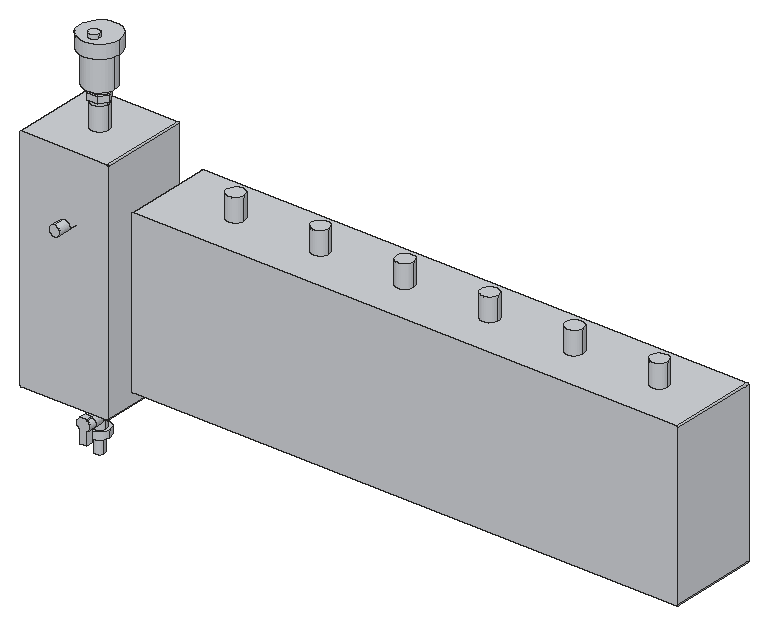
Revit family "318_26000f9ed1554a22b1ba4c8fe3c83b", category Pipe Accessories, Revit 2022
Family settings
  Round Connector Dimension = Use Diameter
  Part Type = Valve - Normal
  Work Plane-Based = No
  Always vertical = Yes
  Cut with Voids When Loaded = No
  Shared = No
Parameters (values of type "2192 11403")
  magiProductId = "26000f9ed1554a22b1ba4c8fe3c83b"
  magiProductFamilyId = "26000f9ed1554a22b1ba4c8fe3c83b"
  magiPartTypeId = 318
  Z1 = 29.4 mm
  VersionID = "2.0/2020.4.30.1/FAR_2192_001"
  TR1 = 29.25 mm
  TR = 22.75 mm
  RT2 = 11.7 mm
  RT1 = 15.6 mm
  RT = 7.5 mm
  RR3 = 15 mm
  RR = 13 mm
  RC1 = 14.4 mm
  RC = 27 mm
  R2 = 7.5 mm
  R = 12.5 mm
  QmdConnectorList = "321;MP1;322;D;323;D;324;D;351;MP3;352;D;353;D;354;D"
  Productdata [instance] = "© MagiCAD Group, all rights reserved"
  NR1 = 9.375 mm
  NR = 6.75 mm
  N3 = yes
  N = 3
  Manufacturer = "FAR"
  MP3 = 32 mm
  MP1 = 32 mm
  MC Product Code = "2192 11403"
  MC Piping Pressure Drop 3 [instance] = 0.0 Pa
  MC Piping Pressure Drop 2 [instance] = 0.0 Pa
  MC Piping Pressure Drop 1 [instance] = 0.0 Pa
  MC Piping Flow 2:3 [instance] = 0.0 L/s
  MC Piping Flow 2:2 [instance] = 0.0 L/s
  MC Piping Flow 2:1 [instance] = 0.0 L/s
  MC Piping Flow 1:3 [instance] = 0.0 L/s
  MC Piping Flow 1:2 [instance] = 0.0 L/s
  MC Piping Flow 1:1 [instance] = 0.0 L/s
  MC Piping Flow [instance] = 0.0 L/s
  LM = 140 mm
  LL = 100 mm
  L1__ve = -L1  # -15 mm
  L1 = 15 mm
  L = 200 mm
  HT1 = 102 mm
  HT = 135 mm
  HH__ve = -HH  # -83 mm
  HH = 83 mm
  H = 125 mm
  G2__ve = -G2  # -130 mm
  G2 = 130 mm
  Flow supply main [instance] = Flow supply 1 + Flow supply 2 + Flow supply 3  # 0.0 L/s
  Flow supply 3 [instance] = 0.0 L/s
  Flow supply 2 [instance] = 0.0 L/s
  Flow supply 1 [instance] = 0.0 L/s
  Flow return main [instance] = Flow return 1 + Flow return 2 + Flow return 3  # 0.0 L/s
  Flow return 3 [instance] = 0.0 L/s
  Flow return 2 [instance] = 0.0 L/s
  Flow return 1 [instance] = 0.0 L/s
  FT__ve = -FT  # -15 mm
  FT = 15 mm
  F = 125 mm
  ER = 4.8 mm
  EE = 8 mm
  E4 = 9.6 mm
  E3 = 19.2 mm
  E2 = 48 mm
  E12__ve = -E12  # -33 mm
  E12 = 33 mm
  E = 96 mm
  Description = "Central heating distr. unit, 3+1 ports, 1\"1/4 side conn."
  Default Elevation = 0 mm
  DM3 = 20 mm
  DM2 = 16.25 mm
  D2 = 15 mm
  D = 25 mm
  CenSd_RT2_6 = RT2 * cos(30.00°)  # 10.132 mm
  CenSd_RT1_6 = RT1 * cos(30.00°)  # 13.51 mm
  CenSd_DM3_6 = DM3 * cos(30.00°)  # 17.321 mm
  CenSd_DM2_6 = DM2 * cos(30.00°)  # 14.073 mm
  CAT0 = yes
  CAT = 0
  C = 65 mm
  BLL = 100.625 mm
  BL = 805 mm
  BB = 144 mm
  B = 1005 mm
  AA = 470 mm
  A = 59 mm
Reference planes
  plane 1 "Center (Front/Back)": y = 0
  plane 2 "XYPLANE": z = 0
  plane 3 "Center (Left/Right)": x = 0
  plane 4 "663": z = 85
  plane 5 "647": x = 925.625
  plane 6 "646": x = 800.625
  plane 7 "645": x = 675.625
  plane 8 "644": x = 550.625
  plane 9 "643": x = 425.625
  plane 10 "642": x = 300.625
  plane 11 "632": x = 1005
  plane 12 "631": z = 52
  plane 13 "630": z = -186
  plane 14 "619": y = -10
  plane 15 "617": z = 226.2
  plane 16 "616": z = 207
  plane 17 "615": z = 159
  plane 18 "614": z = 149.4
  plane 19 "613": z = 139.8
  plane 20 "612": z = 135
  plane 21 "574": z = -304
  plane 22 "555": x = 30
  plane 23 "554": x = 15
  plane 24 "548": y = 65
  plane 25 "547": x = 165
  plane 26 "506": z = -273
  plane 27 "505": z = -286
  plane 28 "504": z = -306
  plane 29 "503": z = -271
  plane 30 "502": z = -281
  plane 31 "482": z = -294
  plane 32 "470": x = 95
  plane 33 "469": x = 105
  plane 34 "464": y = -20
  plane 35 "425": z = -236
  plane 36 "421": z = -269
  plane 37 "412": x = 35
  plane 38 "410": z = 102
  plane 39 "399": z = -125
  plane 40 "309": x = 185
  plane 41 "77": y = 0
  plane 42 "76": z = 0
  plane 43 "75": x = 100
  plane 44 "74": x = 0
  plane 45 "73": x = 200
Forms (mm)
  Extrusion 1, solid
    sketch origin (-750, 0, -186) x (1, 0, 0) y (0, 1, 0)
      loop
        circle (1300.625, 0) r 12.5
    from 0 to -33 <- "E12__ve"
  Extrusion 2, solid
    sketch origin (-750, 0, -186) x (1, 0, 0) y (0, 1, 0)
      loop
        circle (1175.625, 0) r 12.5
    from 0 to -33 <- "E12__ve"
  Extrusion 3, solid, visible <- "N3"
    sketch origin (-750, 0, 52) x (1, 0, 0) y (0, 1, 0)
      loop
        circle (1675.625, 0) r 12.5
    from 0 to 33 <- "E12"
  Extrusion 4, solid, visible <- "N3"
    sketch origin (-750, 0, 52) x (1, 0, 0) y (0, 1, 0)
      loop
        circle (1550.625, 0) r 12.5
    from 0 to 33 <- "E12"
  Extrusion 5, solid
    sketch origin (-750, 0, 52) x (1, 0, 0) y (0, 1, 0)
      loop
        circle (1425.625, 0) r 12.5
    from 0 to 33 <- "E12"
  Extrusion 6, solid
    sketch origin (-750, 0, 52) x (1, 0, 0) y (0, 1, 0)
      loop
        circle (1300.625, 0) r 12.5
    from 0 to 33 <- "E12"
  Extrusion 7, solid
    sketch origin (-750, 0, 52) x (1, 0, 0) y (0, 1, 0)
      loop
        circle (1175.625, 0) r 12.5
    from 0 to 33 <- "E12"
  Extrusion 8, solid
    sketch origin (-750, 0, 52) x (1, 0, 0) y (0, 1, 0)
      loop
        circle (1050.625, 0) r 12.5
    from 0 to 33 <- "E12"
  Extrusion 9, solid
    sketch origin (750, 65, 0) x (-1, 0, 0) y (0, 0, 1)
      loop
        arc (548, -186) -> (549.414, -185.414) -> (550, -184) r 2
        line (550, -184) -> (550, 50)
        arc (550, 50) -> (549.414, 51.414) -> (548, 52) r 2
        line (548, 52) -> (-253, 52)
        arc (-253, 52) -> (-254.414, 51.414) -> (-255, 50) r 2
        line (-255, 50) -> (-255, -184)
        arc (-255, -184) -> (-254.414, -185.414) -> (-253, -186) r 2
        line (-253, -186) -> (548, -186)
    from 0 to -130 <- "G2__ve"
  Extrusion 10, solid
    sketch origin (200, -750, 0) x (0, 1, 0) y (0, 0, 1)
      loop
        circle (750, -125) r 12.5
    from 0 to -15 <- "FT__ve"
  Extrusion 11, solid
    sketch origin (200, -750, 0) x (0, 1, 0) y (0, 0, 1)
      loop
        circle (750, 0) r 12.5
    from 0 to -15 <- "FT__ve"
  Extrusion 12, solid
    sketch origin (-750, 0, 226.2) x (1, 0, 0) y (0, 1, 0)
      loop
        circle (850, -10) r 7.5
    from 0 to 4.8 <- "ER"
  Extrusion 13, solid
    sketch origin (-750, 0, 207) x (1, 0, 0) y (0, 1, 0)
      loop
        circle (850, 0) r 29.25
    from 0 to 19.2 <- "E3"
  Extrusion 14, solid
    sketch origin (-750, 0, 159) x (1, 0, 0) y (0, 1, 0)
      loop
        circle (850, 0) r 22.75
    from 0 to 48 <- "E2"
  Extrusion 15, solid
    sketch origin (-750, 0, 149.4) x (1, 0, 0) y (0, 1, 0)
      loop
        line (861.7, 0) -> (855.85, 10.132) -> (844.15, 10.132) -> (838.3, 0) -> (844.15, -10.132) -> (855.85, -10.132) -> (861.7, 0)
    from 0 to 9.6 <- "E4"
  Extrusion 16, solid
    sketch origin (-750, 0, 139.8) x (1, 0, 0) y (0, 1, 0)
      loop
        line (865.6, 0) -> (857.8, 13.51) -> (842.2, 13.51) -> (834.4, 0) -> (842.2, -13.51) -> (857.8, -13.51) -> (865.6, 0)
    from 0 to 9.6 <- "E4"
  Extrusion 17, solid
    sketch origin (-750, 0, 135) x (1, 0, 0) y (0, 1, 0)
      loop
        circle (850, 0) r 11.7
    from 0 to 4.8 <- "ER"
  Extrusion 18, solid
    sketch origin (0, -750, 0) x (0, 1, 0) y (0, 0, 1)
      loop
        line (750, 16.25) -> (735.927, 8.125) -> (735.927, -8.125) -> (750, -16.25) -> (764.073, -8.125) -> (764.073, 8.125) -> (750, 16.25)
      loop
        circle (750, 0) r 12.5
    from 0 to 15 <- "FT"
  Extrusion 19, solid
    sketch origin (0, -750, 0) x (0, 1, 0) y (0, 0, 1)
      loop
        line (750, -108.75) -> (735.927, -116.875) -> (735.927, -133.125) -> (750, -141.25) -> (764.073, -133.125) -> (764.073, -116.875) -> (750, -108.75)
      loop
        circle (750, -125) r 12.5
    from 0 to 15 <- "FT"
  Extrusion 20, solid
    sketch origin (-750, 0, -294) x (1, 0, 0) y (0, 1, 0)
      loop
        circle (850, 0) r 15
    from 0 to -10
  Extrusion 21, solid
    sketch origin (-750, 0, -304) x (1, 0, 0) y (0, 1, 0)
      loop
        circle (850, 0) r 6.75
    from 0 to -24
  Extrusion 22, solid
    sketch origin (15, -750, 0) x (0, 1, 0) y (0, 0, 1)
      loop
        line (750, -105) -> (732.679, -115) -> (732.679, -135) -> (750, -145) -> (767.321, -135) -> (767.321, -115) -> (750, -105)
    from 0 to 15 <- "L1"
  Extrusion 23, solid
    sketch origin (15, -750, 0) x (0, 1, 0) y (0, 0, 1)
      loop
        line (750, 20) -> (732.679, 10) -> (732.679, -10) -> (750, -20) -> (767.321, -10) -> (767.321, 10) -> (750, 20)
    from 0 to 15 <- "L1"
  Extrusion 24, solid
    sketch origin (185, -750, 0) x (0, 1, 0) y (0, 0, 1)
      loop
        line (750, -105) -> (732.679, -115) -> (732.679, -135) -> (750, -145) -> (767.321, -135) -> (767.321, -115) -> (750, -105)
    from 0 to -15 <- "L1__ve"
  Extrusion 25, solid
    sketch origin (185, -750, 0) x (0, 1, 0) y (0, 0, 1)
      loop
        line (750, 20) -> (732.679, 10) -> (732.679, -10) -> (750, -20) -> (767.321, -10) -> (767.321, 10) -> (750, 20)
    from 0 to -15 <- "L1__ve"
  Extrusion 26, solid
    sketch origin (750, 65, 0) x (-1, 0, 0) y (0, 0, 1)
      loop
        arc (713, -236) -> (714.414, -235.414) -> (715, -234) r 2
        line (715, -234) -> (715, 100)
        arc (715, 100) -> (714.414, 101.414) -> (713, 102) r 2
        line (713, 102) -> (587, 102)
        arc (587, 102) -> (585.586, 101.414) -> (585, 100) r 2
        line (585, 100) -> (585, -234)
        arc (585, -234) -> (585.586, -235.414) -> (587, -236) r 2
        line (587, -236) -> (713, -236)
    from 0 to -130 <- "G2__ve"
  Extrusion 27, solid
    sketch origin (750, 0, 0) x (-1, 0, 0) y (0, 0, 1)
      loop
        circle (650, -281) r 8
    from 0 to -20
  Extrusion 28, solid
    sketch origin (750, -20, 0) x (-1, 0, 0) y (0, 0, 1)
      loop
        line (655, -273) -> (655, -271) -> (645, -271) -> (645, -273)
        arc (645, -273) -> (640, -279.5) -> (645, -286) r 6.725
        line (645, -286) -> (645, -306) -> (655, -306) -> (655, -286)
        arc (655, -286) -> (660, -279.5) -> (655, -273) r 6.725
    from 0 to -10
  Extrusion 29, solid
    sketch origin (-750, 0, -236) x (1, 0, 0) y (0, 1, 0)
      loop
        circle (850, 0) r 13
    from 0 to -33 <- "E12__ve"
  Extrusion 30, solid
    sketch origin (-750, 0, -269) x (1, 0, 0) y (0, 1, 0)
      loop
        circle (850, 0) r 9.375
    from 0 to -25
  Extrusion 31, solid
    sketch origin (750, 0, 0) x (-1, 0, 0) y (0, 0, 1)
      loop
        circle (650, 0) r 7.5
    from 0 to -83 <- "HH__ve"
  Extrusion 32, solid
    sketch origin (-750, 0, 102) x (1, 0, 0) y (0, 1, 0)
      loop
        circle (850, 0) r 13
    from 0 to 33 <- "E12"
  Extrusion 33, solid
    sketch origin (30, -750, 0) x (0, 1, 0) y (0, 0, 1)
      loop
        circle (750, -125) r 12.5
    from 0 to 140 <- "LM"
  Extrusion 34, solid
    sketch origin (30, -750, 0) x (0, 1, 0) y (0, 0, 1)
      loop
        circle (750, 0) r 12.5
    from 0 to 140 <- "LM"
  Extrusion 35, solid, not visible
    sketch origin (-750, 0, 85) x (1, 0, 0) y (0, 1, 0)
      loop
        circle (1675.625, 0) r 10
    from 0 to -10
  Extrusion 36, solid, not visible
    sketch origin (-750, 0, 85) x (1, 0, 0) y (0, 1, 0)
      loop
        circle (1550.625, 0) r 10
    from 0 to -10
  Extrusion 37, solid, not visible
    sketch origin (-750, 0, 85) x (1, 0, 0) y (0, 1, 0)
      loop
        circle (1425.625, 0) r 10
    from 0 to -10
  Extrusion 38, solid, not visible
    sketch origin (-750, 0, 85) x (1, 0, 0) y (0, 1, 0)
      loop
        circle (1300.625, 0) r 10
    from 0 to -10
  Extrusion 39, solid, not visible
    sketch origin (-750, 0, 85) x (1, 0, 0) y (0, 1, 0)
      loop
        circle (1175.625, 0) r 10
    from 0 to -10
  Extrusion 40, solid, not visible
    sketch origin (0, -750, 0) x (0, 1, 0) y (0, 0, 1)
      loop
        circle (750, -125) r 10
    from 0 to 10
  Extrusion 41, solid, not visible
    sketch origin (0, -750, 0) x (0, 1, 0) y (0, 0, 1)
      loop
        circle (750, 0) r 10
    from 0 to 10
  Extrusion 42, solid, not visible
    sketch origin (-750, 0, 85) x (1, 0, 0) y (0, 1, 0)
      loop
        circle (1050.625, 0) r 10
    from 0 to -10
Lines and regions (mm)
  reference lines, not visible
    curve 1: circle (2, 2, 0) r 1 normal (0, 0, 1)
  reference lines
    curve 2: line (100, 0, 149.4) -> (97.075, -5.066, 149.4)
    curve 3: line (100, 0, 149.4) -> (94.15, 0, 149.4)
    curve 4: line (100, 0, 149.4) -> (97.075, 5.066, 149.4)
    curve 5: line (100, 0, 139.8) -> (96.1, -6.755, 139.8)
    curve 6: line (100, 0, 139.8) -> (92.2, 0, 139.8)
    curve 7: line (100, 0, 139.8) -> (96.1, 6.755, 139.8)
    curve 8: line (0, 0, 0) -> (0, 7.036, -4.062)
    curve 9: line (0, 0, 0) -> (0, 0, -8.125)
    curve 10: line (0, 0, 0) -> (0, -7.036, -4.063)
    curve 11: line (0, 0, -125) -> (0, 7.036, -129.063)
    curve 12: line (0, 0, -125) -> (0, 0, -133.125)
    curve 13: line (0, 0, -125) -> (0, -7.036, -129.063)
    curve 14: line (15, 0, -125) -> (15, 8.66, -130)
    curve 15: line (15, 0, -125) -> (15, 0, -135)
    curve 16: line (15, 0, -125) -> (15, -8.66, -130)
    curve 17: line (15, 0, 0) -> (15, 8.66, -5)
    curve 18: line (15, 0, 0) -> (15, 0, -10)
    curve 19: line (15, 0, 0) -> (15, -8.66, -5)
    curve 20: line (185, 0, -125) -> (185, -8.66, -130)
    curve 21: line (185, 0, -125) -> (185, 0, -135)
    curve 22: line (185, 0, -125) -> (185, 8.66, -130)
    curve 23: line (185, 0, 0) -> (185, -8.66, -5)
    curve 24: line (185, 0, 0) -> (185, 0, -10)
    curve 25: line (185, 0, 0) -> (185, 8.66, -5)
    curve 26: line (105, -20, -273) -> (105, -20, -286)
    curve 27: line (95, -20, -286) -> (95, -20, -273)
Dimensions and locks
  plane 1 "Center (Front/Back)" to curve 1 = 2 mm
  "E12": plane 12 "631" to plane 4 "663"
  "H": plane 6 "646" to plane 5 "647"
  "H": plane 7 "645" to plane 6 "646"
  "H": plane 8 "644" to plane 7 "645"
  "H": plane 9 "643" to plane 8 "644"
  "H": plane 10 "642" to plane 9 "643"
  "BLL": plane 45 "73" to plane 10 "642"
  "B": plane 44 "74" to plane 11 "632"
  locked: plane 38 "410" to plane 12 "631" at 50
  locked: plane 35 "425" to plane 13 "630" at 50
  locked: plane 41 "77" to plane 14 "619" at 10
  "E3": plane 16 "616" to plane 15 "617"
  "E2": plane 17 "615" to plane 16 "616"
  "E4": plane 18 "614" to plane 17 "615"
  "E4": plane 19 "613" to plane 18 "614"
  "ER": plane 20 "612" to plane 19 "613"
  "E12": plane 38 "410" to plane 20 "612"
  locked: plane 31 "482" to plane 21 "574" at 10
  "L1": plane 23 "554" to plane 22 "555"
  "FT": plane 44 "74" to plane 23 "554"
  "C": plane 1 "Center (Front/Back)" to plane 24 "548"
  "C": plane 43 "75" to plane 25 "547"
  locked: plane 29 "503" to plane 26 "506" at 2
  locked: plane 28 "504" to plane 27 "505" at 20
  locked: plane 30 "502" to plane 28 "504" at 25
  locked: plane 30 "502" to plane 29 "503" at 10
  locked: plane 36 "421" to plane 30 "502" at 12
  locked: plane 36 "421" to plane 31 "482" at 25
  locked: plane 43 "75" to plane 32 "470" at 5
  locked: plane 43 "75" to plane 33 "469" at 5
  locked: plane 41 "77" to plane 34 "464" at 20
  "E12": plane 36 "421" to plane 35 "425"
  "BB": plane 39 "399" to plane 36 "421"
  "C": plane 43 "75" to plane 37 "412"
  "HT1": plane 2 "XYPLANE" to plane 38 "410"
  "F": plane 2 "XYPLANE" to plane 39 "399"
  "FT": plane 45 "73" to plane 40 "309"
  locked: plane 1 "Center (Front/Back)" to plane 41 "77"
  locked: plane 2 "XYPLANE" to plane 42 "76"
  "LL": plane 3 "Center (Left/Right)" to plane 43 "75"
  locked: plane 3 "Center (Left/Right)" to plane 44 "74"
  "L": plane 3 "Center (Left/Right)" to plane 45 "73"
  Extrusion 9 sketch curve to Extrusion 9 sketch curve = 0 mm  (x16)
  "CenSd_RT2_6": curve 2 to Extrusion 15 sketch curve  (x2)
  "CenSd_RT2_6": curve 3 to Extrusion 15 sketch curve  (x2)
  "CenSd_RT2_6": curve 4 to Extrusion 15 sketch curve  (x2)
  Extrusion 15 sketch curve to Extrusion 15 sketch curve = 0 mm  (x12)
  "CenSd_RT1_6": curve 5 to Extrusion 16 sketch curve  (x2)
  "CenSd_RT1_6": curve 6 to Extrusion 16 sketch curve  (x2)
  "CenSd_RT1_6": curve 7 to Extrusion 16 sketch curve  (x2)
  Extrusion 16 sketch curve to Extrusion 16 sketch curve = 0 mm  (x12)
  "CenSd_DM2_6": curve 8 to Extrusion 18 sketch curve  (x2)
  "CenSd_DM2_6": curve 9 to Extrusion 18 sketch curve  (x2)
  "CenSd_DM2_6": curve 10 to Extrusion 18 sketch curve  (x2)
  Extrusion 18 sketch curve to Extrusion 18 sketch curve = 0 mm  (x12)
  "CenSd_DM2_6": curve 11 to Extrusion 19 sketch curve  (x2)
  "CenSd_DM2_6": curve 12 to Extrusion 19 sketch curve  (x2)
  "CenSd_DM2_6": curve 13 to Extrusion 19 sketch curve  (x2)
  Extrusion 19 sketch curve to Extrusion 19 sketch curve = 0 mm  (x12)
  "CenSd_DM3_6": curve 14 to Extrusion 22 sketch curve  (x2)
  "CenSd_DM3_6": curve 15 to Extrusion 22 sketch curve  (x2)
  "CenSd_DM3_6": curve 16 to Extrusion 22 sketch curve  (x2)
  Extrusion 22 sketch curve to Extrusion 22 sketch curve = 0 mm  (x12)
  "CenSd_DM3_6": curve 17 to Extrusion 23 sketch curve  (x2)
  "CenSd_DM3_6": curve 18 to Extrusion 23 sketch curve  (x2)
  "CenSd_DM3_6": curve 19 to Extrusion 23 sketch curve  (x2)
  Extrusion 23 sketch curve to Extrusion 23 sketch curve = 0 mm  (x12)
  "CenSd_DM3_6": curve 20 to Extrusion 24 sketch curve  (x2)
  "CenSd_DM3_6": curve 21 to Extrusion 24 sketch curve  (x2)
  "CenSd_DM3_6": curve 22 to Extrusion 24 sketch curve  (x2)
  Extrusion 24 sketch curve to Extrusion 24 sketch curve = 0 mm  (x12)
  "CenSd_DM3_6": curve 23 to Extrusion 25 sketch curve  (x2)
  "CenSd_DM3_6": curve 24 to Extrusion 25 sketch curve  (x2)
  "CenSd_DM3_6": curve 25 to Extrusion 25 sketch curve  (x2)
  Extrusion 25 sketch curve to Extrusion 25 sketch curve = 0 mm  (x12)
  Extrusion 26 sketch curve to Extrusion 26 sketch curve = 0 mm  (x16)
  Extrusion 28 sketch curve to Extrusion 28 sketch curve = 0 mm  (x16)
  "R": radius of Extrusion 1 sketch curve
  "R": radius of Extrusion 2 sketch curve
  "R": radius of Extrusion 3 sketch curve
  "R": radius of Extrusion 4 sketch curve
  "R": radius of Extrusion 5 sketch curve
  "R": radius of Extrusion 6 sketch curve
  "R": radius of Extrusion 7 sketch curve
  "R": radius of Extrusion 8 sketch curve
  radius of Extrusion 9 sketch curve = 2 mm  (x4)
  "R": radius of Extrusion 10 sketch curve
  "R": radius of Extrusion 11 sketch curve
  "RT": radius of Extrusion 12 sketch curve
  "TR1": radius of Extrusion 13 sketch curve
  "TR": radius of Extrusion 14 sketch curve
  "RT2": radius of Extrusion 17 sketch curve
  "R": radius of Extrusion 18 sketch curve
  "R": radius of Extrusion 19 sketch curve
  "RR3": radius of Extrusion 20 sketch curve
  "NR": radius of Extrusion 21 sketch curve
  radius of Extrusion 26 sketch curve = 2 mm  (x4)
  "EE": radius of Extrusion 27 sketch curve
  "RR": radius of Extrusion 29 sketch curve
  "NR1": radius of Extrusion 30 sketch curve
  "R2": radius of Extrusion 31 sketch curve
  "RR": radius of Extrusion 32 sketch curve
  "R": radius of Extrusion 33 sketch curve
  "R": radius of Extrusion 34 sketch curve
  locked: curve 3 to curve 2 (angle 60.00°)
  locked: curve 4 to curve 3 (angle 60.00°)
  locked: curve 4 to curve 2 (angle 120.00°)
  locked: curve 6 to curve 5 (angle 60.00°)
  locked: curve 7 to curve 6 (angle 60.00°)
  locked: curve 7 to curve 5 (angle 120.00°)
  locked: curve 9 to curve 8 (angle 60.00°)
  locked: curve 10 to curve 9 (angle 60.00°)
  locked: curve 10 to curve 8 (angle 120.00°)
  locked: curve 12 to curve 11 (angle 60.00°)
  locked: curve 13 to curve 12 (angle 60.00°)
  locked: curve 13 to curve 11 (angle 120.00°)
  locked: curve 15 to curve 14 (angle 60.00°)
  locked: curve 16 to curve 15 (angle 60.00°)
  locked: curve 16 to curve 14 (angle 120.00°)
  locked: curve 18 to curve 17 (angle 60.00°)
  locked: curve 19 to curve 18 (angle 60.00°)
  locked: curve 19 to curve 17 (angle 120.00°)
  locked: curve 21 to curve 20 (angle 60.00°)
  locked: curve 22 to curve 21 (angle 60.00°)
  locked: curve 22 to curve 20 (angle 120.00°)
  locked: curve 24 to curve 23 (angle 60.00°)
  locked: curve 25 to curve 24 (angle 60.00°)
  locked: curve 25 to curve 23 (angle 120.00°)
  aligned and locked: level to plane 2 "XYPLANE"
  aligned and locked: plane 8 "644" to Extrusion 1 sketch curve
  aligned and locked: plane 41 "77" to Extrusion 1 sketch curve
  aligned and locked: plane 9 "643" to Extrusion 2 sketch curve
  aligned and locked: plane 41 "77" to Extrusion 2 sketch curve
  aligned and locked: plane 5 "647" to Extrusion 3 sketch curve
  aligned and locked: Extrusion 3 sketch curve to plane 41 "77"
  aligned and locked: plane 6 "646" to Extrusion 4 sketch curve
  aligned and locked: Extrusion 4 sketch curve to plane 41 "77"
  aligned and locked: plane 7 "645" to Extrusion 5 sketch curve
  aligned and locked: plane 41 "77" to Extrusion 5 sketch curve
  aligned and locked: plane 8 "644" to Extrusion 6 sketch curve
  aligned and locked: plane 41 "77" to Extrusion 6 sketch curve
  aligned and locked: plane 9 "643" to Extrusion 7 sketch curve
  aligned and locked: plane 41 "77" to Extrusion 7 sketch curve
  aligned and locked: plane 10 "642" to Extrusion 8 sketch curve
  aligned and locked: plane 41 "77" to Extrusion 8 sketch curve
  aligned and locked: Extrusion 9 sketch curve to plane 45 "73"
  aligned and locked: Extrusion 9 sketch curve to plane 12 "631"
  aligned and locked: Extrusion 9 sketch curve to plane 11 "632"
  aligned and locked: Extrusion 9 sketch curve to plane 13 "630"
  aligned and locked: plane 39 "399" to Extrusion 10 sketch curve
  aligned and locked: Extrusion 10 sketch curve to plane 41 "77"
  aligned and locked: Extrusion 11 sketch curve to plane 41 "77"
  aligned and locked: plane 42 "76" to Extrusion 11 sketch curve
  aligned and locked: plane 14 "619" to Extrusion 12 sketch curve
  aligned and locked: plane 43 "75" to Extrusion 12 sketch curve
  aligned and locked: plane 41 "77" to Extrusion 13 sketch curve
  aligned and locked: plane 43 "75" to Extrusion 13 sketch curve
  aligned and locked: plane 41 "77" to Extrusion 14 sketch curve
  aligned and locked: plane 43 "75" to Extrusion 14 sketch curve
  aligned and locked: plane 41 "77" to curve 4
  aligned and locked: plane 43 "75" to curve 4
  aligned and locked: plane 41 "77" to curve 7
  aligned and locked: plane 43 "75" to curve 7
  aligned and locked: plane 41 "77" to Extrusion 17 sketch curve
  aligned and locked: plane 43 "75" to Extrusion 17 sketch curve
  aligned and locked: curve 10 to plane 41 "77"
  aligned and locked: plane 42 "76" to curve 10
  aligned and locked: Extrusion 18 sketch curve to plane 41 "77"
  aligned and locked: plane 42 "76" to Extrusion 18 sketch curve
  aligned and locked: plane 39 "399" to curve 12
  aligned and locked: curve 12 to plane 41 "77"
  aligned and locked: plane 39 "399" to Extrusion 19 sketch curve
  aligned and locked: Extrusion 19 sketch curve to plane 41 "77"
  aligned and locked: plane 41 "77" to Extrusion 20 sketch curve
  aligned and locked: plane 43 "75" to Extrusion 20 sketch curve
  aligned and locked: plane 41 "77" to Extrusion 21 sketch curve
  aligned and locked: plane 43 "75" to Extrusion 21 sketch curve
  aligned and locked: plane 39 "399" to curve 16
  aligned and locked: curve 16 to plane 41 "77"
  aligned and locked: curve 18 to plane 41 "77"
  aligned and locked: plane 42 "76" to curve 18
  aligned and locked: plane 39 "399" to curve 22
  aligned and locked: curve 22 to plane 41 "77"
  aligned and locked: curve 24 to plane 41 "77"
  aligned and locked: plane 42 "76" to curve 24
  aligned and locked: Extrusion 26 sketch curve to plane 37 "412"
  aligned and locked: Extrusion 26 sketch curve to plane 38 "410"
  aligned and locked: Extrusion 26 sketch curve to plane 25 "547"
  aligned and locked: plane 35 "425" to Extrusion 26 sketch curve
  aligned and locked: plane 30 "502" to Extrusion 27 sketch curve
  aligned and locked: Extrusion 27 sketch curve to plane 43 "75"
  aligned and locked: Extrusion 28 sketch curve to plane 32 "470"  (x3)
  aligned and locked: plane 26 "506" to Extrusion 28 sketch curve  (x2)
  aligned and locked: Extrusion 28 sketch curve to plane 29 "503"
  aligned and locked: plane 33 "469" to Extrusion 28 sketch curve  (x2)
  aligned and locked: plane 29 "503" to Extrusion 28 sketch curve
  aligned and locked: plane 33 "469" to curve 26
  aligned and locked: plane 26 "506" to curve 26
  aligned and locked: plane 27 "505" to curve 26
  aligned and locked: plane 27 "505" to Extrusion 28 sketch curve  (x2)
  aligned and locked: plane 28 "504" to Extrusion 28 sketch curve  (x2)
  aligned and locked: Extrusion 28 sketch curve to plane 33 "469"
  aligned and locked: curve 27 to plane 32 "470"
  aligned and locked: plane 27 "505" to curve 27
  aligned and locked: plane 26 "506" to curve 27
  aligned and locked: plane 41 "77" to Extrusion 29 sketch curve
  aligned and locked: plane 43 "75" to Extrusion 29 sketch curve
  aligned and locked: plane 41 "77" to Extrusion 30 sketch curve
  aligned and locked: plane 43 "75" to Extrusion 30 sketch curve
  aligned and locked: plane 42 "76" to Extrusion 31 sketch curve
  aligned and locked: Extrusion 31 sketch curve to plane 43 "75"
  aligned and locked: plane 41 "77" to Extrusion 32 sketch curve
  aligned and locked: plane 43 "75" to Extrusion 32 sketch curve
  aligned and locked: plane 39 "399" to Extrusion 33 sketch curve
  aligned and locked: Extrusion 33 sketch curve to plane 41 "77"
  aligned and locked: Extrusion 34 sketch curve to plane 41 "77"
  aligned and locked: plane 42 "76" to Extrusion 34 sketch curve
  aligned and locked: plane 5 "647" to Extrusion 35 sketch curve
  aligned and locked: Extrusion 35 sketch curve to plane 41 "77"
  aligned and locked: plane 6 "646" to Extrusion 36 sketch curve
  aligned and locked: Extrusion 36 sketch curve to plane 41 "77"
  aligned and locked: plane 7 "645" to Extrusion 37 sketch curve
  aligned and locked: plane 41 "77" to Extrusion 37 sketch curve
  aligned and locked: plane 8 "644" to Extrusion 38 sketch curve
  aligned and locked: plane 41 "77" to Extrusion 38 sketch curve
  aligned and locked: plane 9 "643" to Extrusion 39 sketch curve
  aligned and locked: plane 41 "77" to Extrusion 39 sketch curve
  aligned and locked: plane 39 "399" to Extrusion 40 sketch curve
  aligned and locked: Extrusion 40 sketch curve to plane 41 "77"
  aligned and locked: Extrusion 41 sketch curve to plane 41 "77"
  aligned and locked: plane 42 "76" to Extrusion 41 sketch curve
  aligned and locked: plane 10 "642" to Extrusion 42 sketch curve
  aligned and locked: plane 41 "77" to Extrusion 42 sketch curve
Automatic sketch dimensions
  Extrusion 28 sketch curve to plane 33 "469" = 1.725 mm
  plane 32 "470" to Extrusion 28 sketch curve = 1.725 mm
  plane 14 "619" to Extrusion 35 sketch curve = 0 mm
  plane 14 "619" to Extrusion 36 sketch curve = 0 mm
  Extrusion 37 sketch curve to plane 14 "619" = 0 mm
  Extrusion 38 sketch curve to plane 14 "619" = 0 mm
  Extrusion 39 sketch curve to plane 14 "619" = 0 mm
  Extrusion 40 sketch curve to plane 14 "619" = 0 mm
  Extrusion 41 sketch curve to plane 14 "619" = 0 mm
  Extrusion 42 sketch curve to plane 14 "619" = 0 mm
  plane 3 "Center (Left/Right)" to curve 1 = 2 mm
  radius of curve 1 = 1 mm
Connectors
  piping at (0, 0, 0), diameter 32, driven by "Flow supply main", driven by "MP1"
    settings: on Extrusion 41, index 1, connector inside diameter 609.6 mm, connector length 0 mm, flow factor 0, pipe flow 0.0 L/s, pressure drop 0.0 Pa, fitting loss kfactor 0, connector angle 0.00°, fixture units 0, engagement length 0 mm, angle of deflection 0.00°, flow configuration 1, flow direction 1, fitting loss method 0, system type 7, joint type 0, gender type 0, connector reference index -1, connector utility 0, adjustable connector no, is connector primary yes, connector description "Main_1_1"
  piping at (300.625, 0, 85), diameter 25, driven by "Flow supply 1", driven by "D"
    settings: on Extrusion 42, index 2, connector inside diameter 609.6 mm, connector length 0 mm, flow factor 0, pipe flow 0.0 L/s, pressure drop 0.0 Pa, fitting loss kfactor 0, connector angle 0.00°, fixture units 0, engagement length 0 mm, angle of deflection 0.00°, flow configuration 0, flow direction 2, fitting loss method 0, system type 7, joint type 0, gender type 0, connector reference index -1, connector utility 0, adjustable connector no, is connector primary no, connector description "Branch_1_1"
  piping at (550.625, 0, 85), diameter 25, driven by "Flow supply 2", driven by "D"
    settings: on Extrusion 38, index 3, connector inside diameter 609.6 mm, connector length 0 mm, flow factor 0, pipe flow 0.0 L/s, pressure drop 0.0 Pa, fitting loss kfactor 0, connector angle 0.00°, fixture units 0, engagement length 0 mm, angle of deflection 0.00°, flow configuration 0, flow direction 2, fitting loss method 0, system type 7, joint type 0, gender type 0, connector reference index -1, connector utility 0, adjustable connector no, is connector primary no, connector description "Branch_1_2"
  piping at (800.625, 0, 85), diameter 25, driven by "Flow supply 3", driven by "D"
    settings: on Extrusion 36, index 4, connector inside diameter 609.6 mm, connector length 0 mm, flow factor 0, pipe flow 0.0 L/s, pressure drop 0.0 Pa, fitting loss kfactor 0, connector angle 0.00°, fixture units 0, engagement length 0 mm, angle of deflection 0.00°, flow configuration 0, flow direction 2, fitting loss method 0, system type 7, joint type 0, gender type 0, connector reference index -1, connector utility 0, adjustable connector no, is connector primary no, connector description "Branch_1_3"
  piping at (0, 0, -125), diameter 32, driven by "Flow return main", driven by "MP3"
    settings: on Extrusion 40, index 5, connector inside diameter 609.6 mm, connector length 0 mm, flow factor 0, pipe flow 0.0 L/s, pressure drop 0.0 Pa, fitting loss kfactor 0, connector angle 0.00°, fixture units 0, engagement length 0 mm, angle of deflection 0.00°, flow configuration 1, flow direction 2, fitting loss method 0, system type 8, joint type 0, gender type 0, connector reference index -1, connector utility 0, adjustable connector no, is connector primary no, connector description "Main_2_1"
  piping at (425.625, 0, 85), diameter 25, driven by "Flow return 1", driven by "D"
    settings: on Extrusion 39, index 6, connector inside diameter 609.6 mm, connector length 0 mm, flow factor 0, pipe flow 0.0 L/s, pressure drop 0.0 Pa, fitting loss kfactor 0, connector angle 0.00°, fixture units 0, engagement length 0 mm, angle of deflection 0.00°, flow configuration 0, flow direction 1, fitting loss method 0, system type 8, joint type 0, gender type 0, connector reference index -1, connector utility 0, adjustable connector no, is connector primary no, connector description "Branch_2_1"
  piping at (675.625, 0, 85), diameter 25, driven by "Flow return 2", driven by "D"
    settings: on Extrusion 37, index 7, connector inside diameter 609.6 mm, connector length 0 mm, flow factor 0, pipe flow 0.0 L/s, pressure drop 0.0 Pa, fitting loss kfactor 0, connector angle 0.00°, fixture units 0, engagement length 0 mm, angle of deflection 0.00°, flow configuration 0, flow direction 1, fitting loss method 0, system type 8, joint type 0, gender type 0, connector reference index -1, connector utility 0, adjustable connector no, is connector primary no, connector description "Branch_2_2"
  piping at (925.625, 0, 85), diameter 25, driven by "Flow return 3", driven by "D"
    settings: on Extrusion 35, index 8, connector inside diameter 609.6 mm, connector length 0 mm, flow factor 0, pipe flow 0.0 L/s, pressure drop 0.0 Pa, fitting loss kfactor 0, connector angle 0.00°, fixture units 0, engagement length 0 mm, angle of deflection 0.00°, flow configuration 0, flow direction 1, fitting loss method 0, system type 8, joint type 0, gender type 0, connector reference index -1, connector utility 0, adjustable connector no, is connector primary no, connector description "Branch_2_3"
